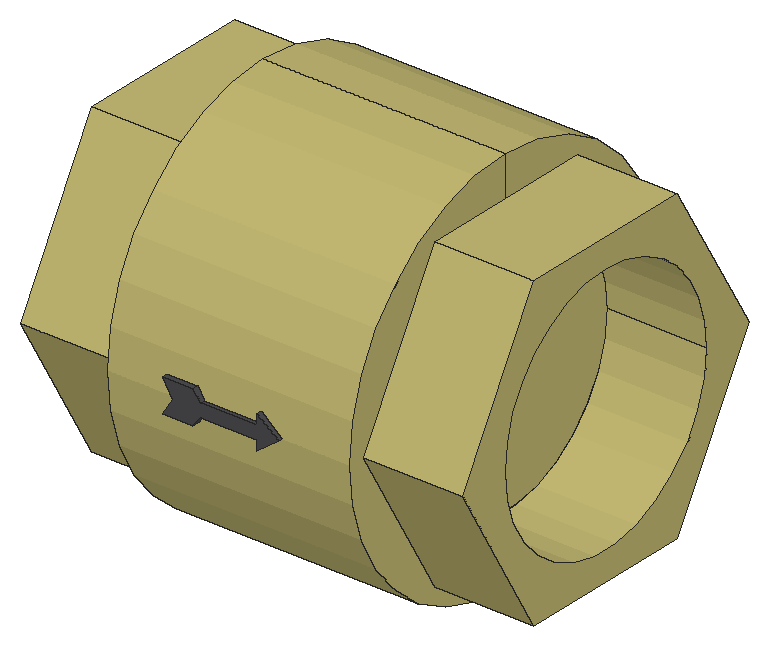
Revit family "РИДАН_NRV-R_Клапан обратный латунный пружинный муфтовый", category Арматура трубопроводов, Revit 2019
Family settings
  Размер круглого соединителя = Использовать диаметр
  Тип детали = Вставляется
  На основе рабочей плоскости = Нет
  Всегда вертикально = Да
  При загрузке вырезать с полостями = Нет
  Общий = Нет
Parameters (values of type "DN25")
  УГО_Длина = f  # 29 mm
  Контакты_Производитель = "info@ridan.ru"  # constant formula
  g = (c / 2) + 0.5 mm  # 23.75 mm
  f = a - (2 * b)  # 29 mm
  e = size_lookup(LT, "e", 23 mm, ADSK_Диаметр условный)  # 30.29 mm
  d = size_lookup(LT, "d", 23 mm, ADSK_Диаметр условный)  # 37 mm
  c = size_lookup(LT, "c", 23 mm, ADSK_Диаметр условный)  # 46.5 mm
  b = size_lookup(LT, "b", 23 mm, ADSK_Диаметр условный)  # 12 mm
  a = size_lookup(LT, "a", 23 mm, ADSK_Диаметр условный)  # 53 mm
  URL = "https://ridan.ru/"
  LT = "NRV-R"  # constant formula
  ADSK_Расход жидкости = 0.0000 m³/h
  ADSK_Пропускная способность = size_lookup(LT, "Kv", 0.0000 m³/h, ADSK_Диаметр условный)  # 10.3000 m³/h
  ADSK_Потеря давления жидкости = 100000.0 Pa * (ADSK_Расход жидкости / ADSK_Пропускная способность) ^ 2  # 0.0 Pa
  ADSK_Наименование = "Обратный клапан NRV-R пружинный с внутренней резьбой PN25, Tmax=110C, DN25"
  ADSK_Материал = Латунь корпус
  ADSK_Масса_Текст = ""
  ADSK_Масса = size_lookup(LT, "M", 0, ADSK_Диаметр условный)  # 0.26
  ADSK_Марка = size_lookup(LT, "Mark", "", ADSK_Диаметр условный)  # "NRV-R DN25"
  ADSK_Количество = 1  # constant formula
  ADSK_Код изделия = size_lookup(LT, "", "", ADSK_Диаметр условный)  # "065B8326R"
  ADSK_Завод-изготовитель = "ООО «Ридан-Трейд»"  # constant formula
  ADSK_Единица измерения = "шт."
  ADSK_Диаметр условный = 25 mm
  ADSK_Версия семейства = "1.0"  # constant formula
  ADSK_Версия Revit = "2019"  # constant formula
Types (7, lengths in mm): name | УГО_Длина | g | f | e | d | c | b | a | ADSK_Пропускная способность | ADSK_Наименование | ADSK_Масса | ADSK_Марка | ADSK_Код изделия | ADSK_Диаметр условный
  (no name) | 29 | 23.75 | 29 | 30.29 | 37 | 46.5 | 12 | 53 | 10.3000 m³/h | "Обратный клапан NRV-R пружинный с внутренней резьбой PN25, Tmax=110C, DN25" | 0.26 | "NRV-R DN25" | "065B8326R" | 25
  DN15 | 24 | 17 | 24 | 18.63 | 24.5 | 33 | 10.5 | 45 | 4.0000 m³/h | "Обратный клапан NRV-R пружинный с внутренней резьбой PN25, Tmax=110C, DN15" | 0.133 | "NRV-R DN15" | "065B8324R" | 15
  DN20 | 27.5 | 21.25 | 27.5 | 24.12 | 30 | 41.5 | 10.5 | 48.5 | 8.0000 m³/h | "Обратный клапан NRV-R пружинный с внутренней резьбой PN25, Tmax=110C, DN20" | 0.18 | "NRV-R DN20" | "065B8325R" | 20
  DN25 | 29 | 23.75 | 29 | 30.29 | 37 | 46.5 | 12 | 53 | 10.3000 m³/h | "Обратный клапан NRV-R пружинный с внутренней резьбой PN25, Tmax=110C, DN25" | 0.26 | "NRV-R DN25" | "065B8326R" | 25
  DN32 | 33 | 29 | 33 | 38.95 | 46 | 57 | 13.5 | 60 | 18.0000 m³/h | "Обратный клапан NRV-R пружинный с внутренней резьбой PN25, Tmax=110C, DN32" | 0.39 | "NRV-R DN32" | "065B8327R" | 32
  DN40 | 36 | 34.25 | 36 | 44.85 | 53 | 67.5 | 14.5 | 65 | 24.0000 m³/h | "Обратный клапан NRV-R пружинный с внутренней резьбой PN25, Tmax=110C, DN40" | 0.59 | "NRV-R DN40" | "065B8328R" | 40
  DN50 | 43 | 39.75 | 43 | 56.66 | 65 | 78.5 | 15 | 73 | 40.0000 m³/h | "Обратный клапан NRV-R пружинный с внутренней резьбой PN25, Tmax=110C, DN50" | 0.85 | "NRV-R DN50" | "065B8329R" | 50
Reference planes
  plane 1 "По центру (Вперед/Назад)": y = 0
  plane 2: z = -3.248
  plane 3 "По центру (Влево/Вправо)": x = 0
  plane 4: x = -14.5
  plane 5: x = 14.5
  plane 6: x = -26.5
  plane 7: x = 26.5
  plane 8: z = 20.002
  plane 9: z = -26.498
Forms (mm)
  Revolve 1, solid, material "Латунь корпус" <- "ADSK_Материал", detail levels fine
    sketch origin (0, 0, 0) x (1, 0, 0) y (0, 0, 1)
      loop
        line (-14.5, 20.002) -> (-14.5, -3.248) -> (14.5, -3.248) -> (14.5, 20.002) -> (-14.5, 20.002)
      axis (-14.5, -3.248) -> (14.5, -3.248)
    angle from 0 to 360
  Extrusion 2, solid, material "Латунь корпус" <- "ADSK_Материал", detail levels fine
    sketch origin (0, 0, 0) x (0, 1, 0) y (0, 0, 1)
      loop
        line (21.362, -3.248) -> (10.681, 15.252) -> (-10.681, 15.252) -> (-21.362, -3.248) -> (-10.681, -21.748) -> (10.681, -21.748) -> (21.362, -3.248)
    from -26.5 to 26.5
  Extrusion 3, void
    sketch origin (0, 0, 0) x (0, 1, 0) y (0, 0, 1)
      loop
        circle (0, -3.248) r 15.145
    from 14.5 to 26.5
  Extrusion 4, void
    sketch origin (0, 0, 0) x (0, 1, 0) y (0, 0, 1)
      loop
        circle (0, -3.248) r 15.145
    from -26.5 to -14.5
Cuts and joins
  Extrusion 3, Extrusion 4 cuts Revolve 1
  Extrusion 3, Extrusion 4 cuts Extrusion 2
Dimensions and locks
  "a": plane 6 to plane 7
  "b": plane 6 to plane 4
  "b": plane 5 to plane 7
  equal spacing: plane 4, plane 3 "По центру (Влево/Вправо)", plane 5
  equal spacing: plane 8, plane 2, plane 9
  "c": plane 8 to plane 9
  equal spacing: Extrusion 2 sketch curve, plane 2, Extrusion 2 sketch curve  (x3)
  "d": Extrusion 2 sketch curve to Extrusion 2 sketch curve  (x2)
  "e": diameter of Extrusion 3 sketch curve
  "e": diameter of Extrusion 4 sketch curve
  angle Extrusion 2 sketch curve to Extrusion 2 sketch curve = 120.00°  (x6)
  aligned and locked: plane 8 to Revolve 1 sketch curve
  aligned and locked: Revolve 1 sketch curve to plane 4
  aligned and locked: plane 2 to Revolve 1 sketch curve
  aligned and locked: plane 5 to Revolve 1 sketch curve
  aligned and locked: plane 6 to Extrusion 2
  aligned and locked: Extrusion 2 to plane 7
  aligned and locked: plane 5 to Extrusion 3
  aligned and locked: Extrusion 3 to plane 7
  aligned and locked: plane 6 to Extrusion 4
  aligned and locked: Extrusion 4 to plane 4
  aligned and locked: nested 1 to plane 5
Automatic sketch dimensions
  Revolve 1 sketch curve to plane 2 = 0 mm
  plane 6 to Revolve 1 sketch curve = 4.5 mm
  Revolve 1 sketch curve to plane 7 = 5.5 mm
  Extrusion 2 sketch curve to level = 0 mm
  Extrusion 3 sketch curve to level = 0 mm
  Extrusion 3 sketch curve to plane 1 "По центру (Вперед/Назад)" = 0 mm
  Extrusion 4 sketch curve to level = 0 mm
  Extrusion 4 sketch curve to plane 1 "По центру (Вперед/Назад)" = 0 mm
Nested families
  nested 1: "УГО_Обратный клапан" at (0, 0, -3.248), Длина_УГО <- "УГО_Длина", type "УГО_Обратный клапан", detail levels coarse+medium
    with Длина_УГО 29 mm, Высота_УГО 16.743 mm
  nested 2: "Направление" at (0, 0, -3.248), i <- "g", type "Направление", detail levels fine
    with i 23.75 mm
Connectors
  piping at (-14.5, 0, -3.248), diameter 25, driven by "ADSK_Диаметр условный", driven by "ADSK_Расход жидкости"
    settings: on plane 4, index 2, connector inside diameter 609.6 mm, connector length 0 mm, flow factor 0, pipe flow 0.0000 m³/h, pressure drop 0.0 Pa, fitting loss kfactor 0, connector angle 0.00°, fixture units 0, engagement length 0 mm, angle of deflection 0.00°, flow configuration 0, flow direction 1, fitting loss method 0, system type 29, joint type 0, gender type 0, connector reference index -1, connector utility 0, adjustable connector no, is connector primary yes, connector description ""
  piping at (14.5, 0, -3.248), diameter 25, driven by "ADSK_Диаметр условный", driven by "ADSK_Расход жидкости", driven by "ADSK_Потеря давления жидкости"
    settings: on plane 5, index 3, connector inside diameter 609.6 mm, connector length 0 mm, flow factor 0, pipe flow 0.0000 m³/h, pressure drop 0.0 Pa, fitting loss kfactor 0, connector angle 0.00°, fixture units 0, engagement length 0 mm, angle of deflection 0.00°, flow configuration 0, flow direction 2, fitting loss method 4, system type 29, joint type 0, gender type 0, connector reference index -1, connector utility 0, adjustable connector no, is connector primary no, connector description ""
Definition of nested family "УГО_Обратный клапан"
  Parameters (values of type "УГО_Обратный клапан")
    Длина_УГО [instance] = 100 mm
    Высота_УГО [instance] = (Длина_УГО / 2) / cos(30.00°)  # 57.735 mm
  Reference planes
    plane 1 "По центру (Вперед/Назад)": y = 0
    plane 2: z = 0
    plane 3 "По центру (Влево/Вправо)": x = 0
    plane 4: x = -50
    plane 5: x = 50
    plane 6: z = 28.868
    plane 7: z = -28.868
  Forms (mm)
    Extrusion 1, solid
      sketch origin (0, 0, 0) x (1, 0, 0) y (0, 0, 1)
        loop
          line (-50, 28.868) -> (-50, -28.868) -> (0, 0) -> (-50, 28.868)
      from -0.5 to 0.5
    Extrusion 2, solid
      sketch origin (0, 0, 0) x (1, 0, 0) y (0, 0, 1)
        loop
          line (50, 28.868) -> (0, 0) -> (50, -28.868) -> (50, 28.868)
      from -0.5 to 0.5
  Dimensions and locks
    equal spacing: plane 5, plane 3 "По центру (Влево/Вправо)", plane 4
    "Длина_УГО": plane 5 to plane 4
    equal spacing: plane 6, level, plane 7
    "Высота_УГО": plane 6 to plane 7
    aligned and locked: level to plane 2
    aligned and locked: Extrusion 1 sketch curve to plane 4
    aligned and locked: Extrusion 2 sketch curve to plane 5
    aligned and locked: plane 6 to Extrusion 1 sketch curve
    aligned and locked: plane 7 to Extrusion 1 sketch curve
    aligned and locked: plane 6 to Extrusion 2 sketch curve
    aligned and locked: plane 7 to Extrusion 2 sketch curve
  Automatic sketch dimensions
    Extrusion 1 sketch curve to level = 0 mm
    Extrusion 1 sketch curve to plane 3 "По центру (Влево/Вправо)" = 0 mm
    Extrusion 2 sketch curve to level = 0 mm
    Extrusion 2 sketch curve to plane 3 "По центру (Влево/Вправо)" = 0 mm
Definition of nested family "Направление"
  Parameters (values of type "Направление")
    i [instance] = 10 mm
    h = size_lookup(LT, "h", 23 mm, ADSK_Диаметр условный)  # 1.55 mm
    g = size_lookup(LT, "g", 23 mm, ADSK_Диаметр условный)  # 4 mm
    f = size_lookup(LT, "f", 23 mm, ADSK_Диаметр условный)  # 2.63 mm
    e = size_lookup(LT, "e", 23 mm, ADSK_Диаметр условный)  # 3.69 mm
    d = size_lookup(LT, "d", 23 mm, ADSK_Диаметр условный)  # 2.96 mm
    c = size_lookup(LT, "c", 23 mm, ADSK_Диаметр условный)  # 0.94 mm
    b = size_lookup(LT, "b", 23 mm, ADSK_Диаметр условный)  # 2.42 mm
    a = size_lookup(LT, "a", 23 mm, ADSK_Диаметр условный)  # 1.2 mm
    LT = "Arrow"  # constant formula
    ADSK_Диаметр условный = 15 mm
  Reference planes
    plane 1 "По центру (Вперед/Назад)": y = 0
    plane 2: z = 0
    plane 3 "По центру (Влево/Вправо)": x = 0
    plane 4: x = -7.52
    plane 5: x = -6.32
    plane 6: x = -3.9
    plane 7: x = -2.96
    plane 8: x = 3.69
    plane 9: x = 6.32
    plane 10: z = 2
    plane 11: z = -2
    plane 12: z = 0.775
    plane 13: z = -0.775
    plane 14: y = 10
    plane 15: y = -10
  Forms (mm)
    Extrusion 1, solid
      sketch origin (0, 0, 0) x (1, 0, 0) y (0, 0, 1)
        loop
          line (3.69, 0.775) -> (-2.968, 0.775) -> (-3.9, 2) -> (-7.52, 2) -> (-6.32, 0) -> (-7.52, -2) -> (-3.892, -2) -> (-2.96, -0.775) -> (3.69, -0.775) -> (3.69, -2) -> (6.32, 0) -> (3.69, 2) -> (3.69, 0.775)
      from -10 to 10
  Dimensions and locks
    "a": plane 4 to plane 5
    "b": plane 5 to plane 6
    "c": plane 6 to plane 7
    "d": plane 7 to plane 3 "По центру (Влево/Вправо)"
    "e": plane 8 to plane 3 "По центру (Влево/Вправо)"
    "f": plane 8 to plane 9
    equal spacing: plane 12, plane 2, plane 13
    equal spacing: plane 10, plane 2, plane 11
    "h": plane 12 to plane 13
    "g": plane 10 to plane 11
    "i": plane 1 "По центру (Вперед/Назад)" to plane 14
    "i": plane 15 to plane 1 "По центру (Вперед/Назад)"
    aligned and locked: level to plane 2
    aligned and locked: plane 10 to Extrusion 1 sketch curve
    aligned and locked: plane 12 to Extrusion 1 sketch curve
    aligned and locked: plane 13 to Extrusion 1 sketch curve
    aligned and locked: plane 11 to Extrusion 1 sketch curve
    aligned and locked: plane 14 to Extrusion 1
    aligned and locked: Extrusion 1 to plane 15
  Automatic sketch dimensions
    plane 4 to Extrusion 1 sketch curve = 0 mm  (x2)
    plane 5 to Extrusion 1 sketch curve = 0 mm
    Extrusion 1 sketch curve to level = 0 mm  (x2)
    plane 6 to Extrusion 1 sketch curve = 0 mm
    Extrusion 1 sketch curve to plane 12 = 0 mm
    plane 7 to Extrusion 1 sketch curve = 0 mm
    plane 8 to Extrusion 1 sketch curve = 0 mm  (x2)
    plane 9 to Extrusion 1 sketch curve = 0 mm
    Extrusion 1 sketch curve to plane 11 = 0 mm
    Extrusion 1 sketch curve to plane 10 = 0 mm
    Extrusion 1 sketch curve to plane 6 = 0.008 mm
    plane 7 to Extrusion 1 sketch curve = 0.008 mm
